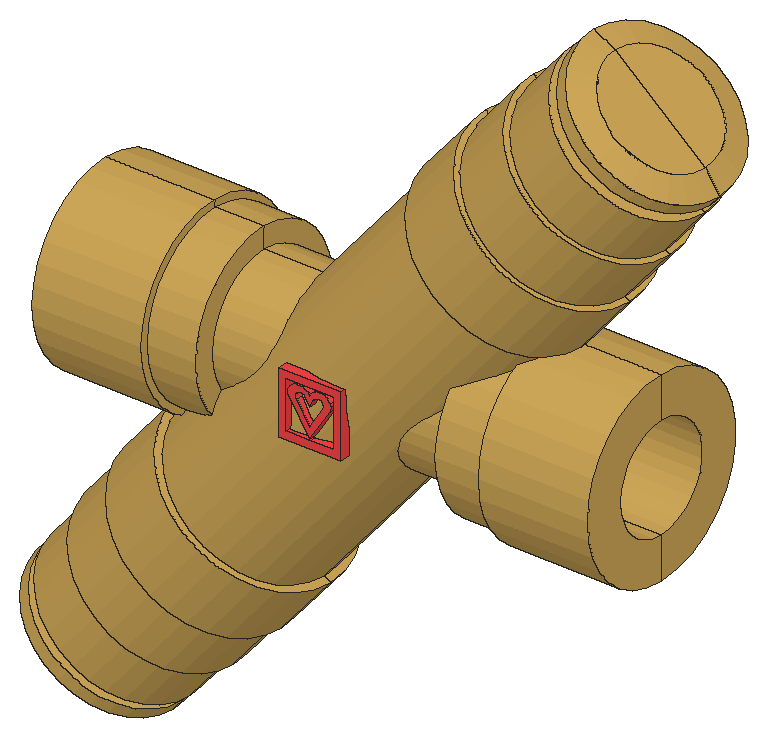
Revit family "Ограничитель температуры воды 4011", category Rohrzubehör, Revit 2018
Family settings
  Bemaßung runder Anschluss = Durchmesser verwenden
  Teiletyp = Unterbricht
  OmniClass-Nummer = 23.65.55.14
  OmniClass-Titel = Valves for Liquid Services
  Arbeitsebenenbasiert = Nein
  Immer vertikal = Ja
  Beim Laden mit Abzugskörper schneiden = Nein
  Gemeinsam genutzt = Nein
Parameters (values of type "Заводская настройка 52 и 70 °C")
  Уплотнение = "EPDM"  # constant formula
  Среда = "Питьевая вода"  # constant formula
  Примечание = "В соответствии со статьей 33 Регламента REACH (Registration; Evaluation; Authorisation; Restriction of Chemicals) (EC № 1907/2006) мы обязаны указать, что свинец внесен в список SVHC (Substances of Very High Concern - вещества очень высокой важности) и весовой процент свинца во всех латунных компонентах заводского изготовления в наших изделиях, превышает 0,1 % (w/w) (CAS: 7439-92-1 / EINECS: 231-100-4).\r\nПоскольку свинец является легирующим компонентом сплава, прямое негативное влияние исключается, и поэтому дополнительной информации о безопасном использовании не требуется."
  Номер заказа [instance] = if(and([52_70], Nennweite = 15.000 mm), 2401101, if(and([52_70], Nennweite = 20.000 mm), 2401102, if(and([55_70], Nennweite = 15.000 mm), 2401111, if(and([55_70], Nennweite = 20.000 mm), 2401112, if(and([58_70], Nennweite = 15.000 mm), 2401117, if(and([58_70], Nennweite = 20.000 mm), 2401118, 0))))))  # 2401101
  Макс. рабочее давление = 1000000.0 Pa  # constant formula
  Макс. рабочая температура = 80 °C  # constant formula
  Корпус = "CC770S"  # constant formula
  Исполнение = "HERZ-ограничитель температуры циркуляционного контура, наклонного исполнения, без покрытия, корпус изготовлен из латуни, устойчивой к селективной цинковой коррозии, седло, конус пружины, пружина изготовлены из нержавеющей хромоникелевой стали.\r\nУплотнительные кольца O-Ring изготовлены из EPDM, гигиенически безопасных материалов.\r\nВнутренняя резьба в соответствии с ISO 7/1 (Rp).\r\nИсполнение с двумя термоэлементами."
  Заводская настройка температуры [instance] = if([52_70], "52 - 70°C", if([55_70], "55 - 70°C", if([58_70], "58 - 70°C", "0")))  # "52 - 70°C"
  W03 = 25.00°  # constant formula
  W02 = 15.00°  # constant formula
  W01 = 50.00°  # constant formula
  URL = "www.herz-armaturen.ru"
  Седло, конус пружины, пружина = "нержавеющая сталь"  # constant formula
  SC_NennweiteBerechnet = 0
  SC_Dimension = ""
  SCTWSEQ = "AW;SBT_TYP_AW=\"104\";2"
  SCTWCODE = "04;26;02"  # constant formula
  S06 = 40.000 mm  # constant formula
  S05 = 15.000 mm  # constant formula
  S04 = 20.000 mm  # constant formula
  S03 = 60.000 mm  # constant formula
  S02 [instance] = S01 + 5.000 mm  # 11.750 mm
  S01 [instance] = D01 / 2  # 6.750 mm
  R01 = 5.000 mm  # constant formula
  Nennweite [instance] = 15.000 mm
  L09 = 4.500 mm  # constant formula
  L08 = 1.500 mm  # constant formula
  L07 [instance] = L03 + L05 + L06  # 58.400 mm
  L06 [instance] = size_lookup("4011_0X_", "L6", 1.000 mm, Nennweite)  # 8.900 mm
  L05 [instance] = size_lookup("4011_0X_", "L5", 1.000 mm, Nennweite)  # 10.000 mm
  L04 [instance] = size_lookup("4011_0X_", "L4", 1.000 mm, Nennweite)  # 11.000 mm
  L03 [instance] = size_lookup("4011_0X_", "L3", 1.000 mm, Nennweite)  # 39.500 mm
  L02 [instance] = size_lookup("4011_0X_", "L2", 1.000 mm, Nennweite)  # 23.000 mm
  L01 [instance] = size_lookup("4011_0X_", "L1", 1.000 mm, Nennweite)  # 15.900 mm
  L00 [instance] = size_lookup("4011_0X_", "L", 1.000 mm, Nennweite)  # 81.000 mm
  IG [instance] = Nennweite / 2  # 7.500 mm
  Hersteller = "HERZ Armaturen Ges.m.b.H."  # constant formula
  GT [instance] = size_lookup("4011_0X_", "GT", 1.000 mm, Nennweite)  # 12.000 mm
  Принцип действия = "HERZ-ограничитель температуры воды циркуляционного контура представляет собой термостатический дроссельный клапан для ограничения температуры горячей воды в контуре с циркуляционным насосом, в виде пропорционального энергонезависимого регулятора прямого действия.\r\nТемпература теплоносителя циркуляционного контура подлежит регулированию и обеспечивает распределение горячей воды на несколько стояков (если таковые имеются).\r\nС целью поддержания постоянной температуры расход циркуляционной воды ограничивается до необходимого количества и, таким образом, потери в циркуляционном контуре сводятся к минимуму.\r\nДанная арматура предназначена также для кратковременного промывания для предотвращения появления легионелл.\r\nКоличество циркуляционной воды после промывания системы опять пополняется необходимым объемом.\r\nКонус буксы может открывать или закрывать седло клапана в корпусе ограничителя.\r\nПри повышении температуры конус буксы перемещается термоэлементом медленно и плавно, без толчков, в направлении «закрыто», а при понижении температуры открывается с помощью пружины навстречу термостатическому элементу.\r\nРасширяющаяся среда в середине термостатического элемента превращает изменение температуры в изменение направления.\r\nПри термической дезинфекции второй термоэлемент расширяется и посредством штифта воздействует на прикрытый клапан – горячая вода поступает в трубопровод для дезинфекции.\r\nИсходя из модели данного ограничителя, величину утечки следует учитывать из расчёта приблизительно 0,65 л/мин при перепаде давления приблизительно 10 кПа."
  Конус буксы, букса, заглушка = "CW725N"  # constant formula
  D10 = 12.000 mm  # constant formula
  D09 = 9.200 mm  # constant formula
  D08 = 8.500 mm  # constant formula
  D07 [instance] = size_lookup("4011_0X_", "D7", 1.000 mm, Nennweite)  # 13.000 mm
  D06 [instance] = size_lookup("4011_0X_", "D6", 1.000 mm, Nennweite)  # 12.200 mm
  D05 [instance] = size_lookup("4011_0X_", "D5", 1.000 mm, Nennweite)  # 12.750 mm
  D04 [instance] = size_lookup("4011_0X_", "D4", 1.000 mm, Nennweite)  # 13.750 mm
  D03 [instance] = size_lookup("4011_0X_", "D3", 1.000 mm, Nennweite)  # 9.500 mm
  D02 [instance] = size_lookup("4011_0X_", "D2", 1.000 mm, Nennweite)  # 12.500 mm
  D01 [instance] = size_lookup("4011_0X_", "D1", 1.000 mm, Nennweite)  # 13.500 mm
  58_70 = no
  55_70 = no
  52_70 = yes
Types (4, lengths in mm): name | Номер заказа | Заводская настройка температуры | S02 | S01 | Nennweite | L07 | L06 | L05 | L04 | L03 | L02 | L01 | L00 | IG | GT | D07 | D06 | D05 | D04 | D03 | D02 | D01 | 58_70 | 55_70 | 52_70
  (no name) | 2401101 | "52 - 70°C" | 11.750 | 6.750 | 15.000 | 58.400 | 8.900 | 10.000 | 11.000 | 39.500 | 23.000 | 15.900 | 81.000 | 7.500 | 12.000 | 13.000 | 12.200 | 12.750 | 13.750 | 9.500 | 12.500 | 13.500 | no | no | yes
  Заводская настройка 52 и 70 °C | 2401101 | "52 - 70°C" | 11.750 | 6.750 | 15.000 | 58.400 | 8.900 | 10.000 | 11.000 | 39.500 | 23.000 | 15.900 | 81.000 | 7.500 | 12.000 | 13.000 | 12.200 | 12.750 | 13.750 | 9.500 | 12.500 | 13.500 | no | no | yes
  Заводская настройка 55 и 70 °C | 2401112 | "55 - 70°C" | 13.000 | 8.000 | 20.000 | 60.700 | 4.500 | 6.200 | 10.000 | 50.000 | 20.500 | 17.000 | 102.000 | 10.000 | 16.300 | 15.000 | 13.500 | 15.500 | 16.500 | 13.000 | 15.000 | 16.000 | no | yes | no
  Заводская настройка 58 и 70 °C | 2401118 | "58 - 70°C" | 13.000 | 8.000 | 20.000 | 60.700 | 4.500 | 6.200 | 10.000 | 50.000 | 20.500 | 17.000 | 102.000 | 10.000 | 16.300 | 15.000 | 13.500 | 15.500 | 16.500 | 13.000 | 15.000 | 16.000 | yes | no | no
Reference planes
  plane 1 "Mitte (Vorne/hinten)": y = 0
  plane 2: z = 0
  plane 3 "Mitte (Links/rechts)": x = 0
Forms (mm)
  Revolve 1, solid, material "Messing, weicher Gelbton, geschweißt", detail levels fine
    sketch origin (0, 0, 0) x (1, 0, 0) y (0, 0, 1)
      loop
        line (-28.5, 0) -> (28.5, 0) -> (28.5, 7.5) -> (40.5, 7.5) -> (40.5, 13.5) -> (24.6, 13.5) -> (24.6, 12.5) -> (17.5, 12.5) -> (17.5, 9.5) -> (-17.5, 9.5) -> (-17.5, 12.5) -> (-24.6, 12.5) -> (-24.6, 13.5) -> (-40.5, 13.5) -> (-40.5, 7.5) -> (-28.5, 7.5) -> (-28.5, 0)
      axis (-40.5, 0) -> (40.5, 0)
    angle from 0 to 360
  Revolve 2, solid, material "Messing, weicher Gelbton, geschweißt", detail levels fine
    sketch origin (0, 0, 0) x (1, 0, 0) y (0, 0, 1)
      loop
        line (0, 0) -> (25.39, 30.259) -> (14.857, 39.097) -> (7.786, 30.671) -> (8.552, 30.028) -> (-28.087, -13.637) -> (-28.853, -12.994) -> (-35.923, -21.42) -> (-25.39, -30.259) -> (0, 0)
      axis (25.39, 30.259) -> (-25.39, -30.259)
    angle from 0 to 360
  Revolve 3, solid, material "Messing, weicher Gelbton, geschweißt", detail levels fine
    sketch origin (0, 0, 0) x (1, 0, 0) y (0, 0, 1)
      loop
        line (0, 0) -> (37.539, 44.737) -> (28.193, 52.579) -> (22.472, 45.761) -> (21.859, 46.275) -> (15.432, 38.615) -> (21.56, 33.473) -> (-29.22, -27.045) -> (-35.349, -21.903) -> (-41.777, -29.563) -> (-41.164, -30.077) -> (-46.885, -36.895) -> (-37.539, -44.737) -> (0, 0)
      axis (-37.539, -44.737) -> (37.539, 44.737)
    angle from 0 to 360
  Revolve 4, solid, material "Messing, weicher Gelbton, geschweißt", detail levels fine
    sketch origin (0, 0, 0) x (1, 0, 0) y (0, 0, 1)
      loop
        line (0, 0) -> (40.431, 48.184) -> (33.92, 53.648) -> (30.636, 55.179) -> (29.31, 53.6) -> (31.455, 51.8) -> (30.491, 50.651) -> (33.709, 47.951) -> (-41.369, -41.523) -> (-44.586, -38.823) -> (-45.551, -39.972) -> (-47.696, -38.173) -> (-49.021, -39.752) -> (-46.943, -42.721) -> (-40.431, -48.184) -> (0, 0)
      axis (-40.431, -48.184) -> (40.431, 48.184)
    angle from 0 to 360
Lines and regions (mm)
  model lines, detail levels coarse+medium
    curve 1: line (-40.5, 0, 13.5) -> (-40.5, 0, -13.5)
    curve 2: line (-40.5, 0, -13.5) -> (40.5, 0, 13.5)
    curve 3: line (40.5, 0, 13.5) -> (40.5, 0, -13.5)
    curve 4: line (40.5, 0, -13.5) -> (-40.5, 0, 13.5)
    curve 5: circle (0, 0, 0) r 6.75 normal (0, -1, 0)
    curve 6: line (0, 0, 40) -> (0, 0, 60)
    curve 7: line (-15, 0, 60) -> (15, 0, 60)
    curve 8: line (15, 0, 60) -> (15, 0, 80)
    curve 9: line (15, 0, 80) -> (-15, 0, 80)
    curve 10: line (-15, 0, 80) -> (-15, 0, 60)
    curve 11: line (0, 0, 11.75) -> (13.173, 0, 40)
    curve 12: line (0, 0, 11.75) -> (-13.173, 0, 40)
    curve 13: line (-13.173, 0, 40) -> (13.173, 0, 40)
    curve 14: line (-40.5, 13.5, 0) -> (-40.5, -13.5, 0)
    curve 15: line (-40.5, -13.5, 0) -> (40.5, 13.5, 0)
    curve 16: line (40.5, 13.5, 0) -> (40.5, -13.5, 0)
    curve 17: line (40.5, -13.5, 0) -> (-40.5, 13.5, 0)
    curve 18: circle (0, 0, 0) r 6.75 normal (0, 0, 1)
    curve 19: line (0, 40, 0) -> (0, 60, 0)
    curve 20: line (-15, 60, 0) -> (15, 60, 0)
    curve 21: line (15, 60, 0) -> (15, 80, 0)
    curve 22: line (15, 80, 0) -> (-15, 80, 0)
    curve 23: line (-15, 80, 0) -> (-15, 60, 0)
    curve 24: line (0, 11.75, 0) -> (13.173, 40, 0)
    curve 25: line (0, 11.75, 0) -> (-13.173, 40, 0)
    curve 26: line (-13.173, 40, 0) -> (13.173, 40, 0)
Dimensions and locks
  "L00": Revolve 1 sketch curve to Revolve 1 sketch curve
  equal spacing: Revolve 1 sketch curve, plane 3 "Mitte (Links/rechts)", Revolve 1 sketch curve
  "L01": Revolve 1 sketch curve to Revolve 1 sketch curve  (x2)
  "L02": Revolve 1 sketch curve to Revolve 1 sketch curve  (x2)
  "GT": Revolve 1 sketch curve to Revolve 1 sketch curve  (x2)
  "IG": Revolve 1 sketch curve to plane 2  (x2)
  "D01": Revolve 1 sketch curve to plane 2  (x2)
  "D02": Revolve 1 sketch curve to plane 2  (x2)
  "D03": Revolve 1 sketch curve to Revolve 1 sketch curve
  equal spacing: Revolve 1, Revolve 2 sketch curve, Revolve 1  (x2)
  "L03": Revolve 2 sketch curve to Revolve 2 sketch curve  (x2)
  "L04": Revolve 2 sketch curve to Revolve 2 sketch curve  (x2)
  "D05": nested 1 to plane 1 "Mitte (Vorne/hinten)"
  "D04": Revolve 2 sketch curve to Revolve 2 sketch curve  (x2)
  "D05": Revolve 2 sketch curve to Revolve 2 sketch curve
  "L03": Revolve 3 sketch curve to Revolve 3 sketch curve  (x2)
  "L05": Revolve 3 sketch curve to Revolve 3 sketch curve  (x2)
  "L06": Revolve 3 sketch curve to Revolve 3 sketch curve  (x2)
  "D06": Revolve 3 sketch curve to Revolve 3 sketch curve  (x2)
  "D07": Revolve 3 sketch curve to Revolve 3 sketch curve  (x2)
  "R01": Revolve 3 sketch curve to Revolve 3 sketch curve
  equal spacing: Revolve 1, Revolve 3 sketch curve, Revolve 1
  equal spacing: Revolve 1, Revolve 4 sketch curve, Revolve 1
  "L07": Revolve 4 sketch curve to Revolve 4 sketch curve to Revolve 4 sketch curve
  "L08": Revolve 4 sketch curve to Revolve 4 sketch curve  (x2)
  "L09": Revolve 4 sketch curve to Revolve 4 sketch curve  (x2)
  "D08": Revolve 4 sketch curve to Revolve 4 sketch curve  (x2)
  "D09": Revolve 4 sketch curve to Revolve 4 sketch curve  (x2)
  "D10": Revolve 4 sketch curve to Revolve 4 sketch curve  (x2)
  "R01": Revolve 4 sketch curve to Revolve 4 sketch curve
  equal spacing: curve 1, plane 3 "Mitte (Links/rechts)", curve 3
  "L00": curve 1 to curve 3
  "D01": curve 4 to plane 2 to curve 2
  "D01": curve 3 to plane 2 to curve 4
  equal spacing: Revolve 1, curve 5, Revolve 1
  "S03": curve 6 to plane 2
  "S05": curve 10 to plane 3 "Mitte (Links/rechts)" to curve 8
  "S04": curve 9 to curve 7
  "S06": curve 13 to plane 2
  "S02": curve 12 to plane 2
  equal spacing: curve 14, plane 3 "Mitte (Links/rechts)", curve 16
  "L00": curve 14 to curve 16
  "D01": curve 15 to plane 1 "Mitte (Vorne/hinten)" to curve 17
  "D01": curve 17 to plane 1 "Mitte (Vorne/hinten)" to curve 16
  equal spacing: curve 14, curve 18, curve 16
  "S06": plane 1 "Mitte (Vorne/hinten)" to curve 19
  "S03": plane 1 "Mitte (Vorne/hinten)" to curve 19
  "S05": curve 23 to plane 3 "Mitte (Links/rechts)" to curve 21
  "S04": curve 22 to curve 20
  "S02": plane 1 "Mitte (Vorne/hinten)" to curve 25
  "S01": radius of curve 5
  "S01": radius of curve 18
  "W01": angle plane 2 to Revolve 3 sketch curve
  "W01": angle plane 2 to Revolve 4 sketch curve
  "W02": angle Revolve 4 sketch curve to Revolve 4 sketch curve  (x2)
  "W01": angle plane 2 to Revolve 2 sketch curve
  "W03": angle curve 11 to curve 6 to curve 12
  "W03": angle curve 24 to plane 3 "Mitte (Links/rechts)" to curve 25
  aligned and locked: level to plane 2
Automatic sketch dimensions
  curve 12 to plane 3 "Mitte (Links/rechts)" = 0.000 mm
  curve 6 to plane 3 "Mitte (Links/rechts)" = 0.000 mm
  curve 5 to level = 0.000 mm
  curve 25 to plane 3 "Mitte (Links/rechts)" = 0.000 mm
  curve 19 to plane 3 "Mitte (Links/rechts)" = 0.000 mm
  plane 1 "Mitte (Vorne/hinten)" to curve 18 = 0.000 mm
  Revolve 1 sketch curve to level = 0.000 mm  (x2)
  Revolve 1 sketch curve to Revolve 1 sketch curve = 1466.030 mm
  Revolve 1 sketch curve to Revolve 1 sketch curve = 1798.648 mm
  Revolve 2 sketch curve to level = 0.000 mm  (x2)
  Revolve 3 sketch curve to level = 0.000 mm
  Revolve 3 sketch curve to Revolve 3 sketch curve = 0.000 mm  (x4)
  Revolve 4 sketch curve to level = 0.000 mm
  Revolve 4 sketch curve to Revolve 4 sketch curve = 0.000 mm  (x4)
Nested families
  nested 1: "Herz-Logo-vorne" at (0, -12.75, 0) x (0, 1, 0) z (0, 0, 1), type "Herz-Logo-vorne", detail levels fine
Connectors
  piping at (-28.5, 0, 0), diameter 15, driven by "Nennweite"
    settings: on Revolve 1, index 1, connector inside diameter 609.6 mm, connector length 0.000 mm, flow factor 0, pipe flow 0.0 L/s, pressure drop 0.0 Pa, fitting loss kfactor 0, connector angle 0.00°, fixture units 0, engagement length 0.000 mm, angle of deflection 0.00°, flow configuration 0, flow direction 1, fitting loss method 0, system type 29, joint type 0, gender type 0, connector reference index -1, connector utility 0, adjustable connector no, is connector primary yes, connector description ""
  piping at (28.5, 0, 0), diameter 15, driven by "Nennweite"
    settings: on Revolve 1, index 2, connector inside diameter 609.6 mm, connector length 0.000 mm, flow factor 0, pipe flow 0.0 L/s, pressure drop 0.0 Pa, fitting loss kfactor 0, connector angle 0.00°, fixture units 0, engagement length 0.000 mm, angle of deflection 0.00°, flow configuration 0, flow direction 2, fitting loss method 0, system type 29, joint type 0, gender type 0, connector reference index -1, connector utility 0, adjustable connector no, is connector primary no, connector description ""
Definition of nested family "Herz-Logo-vorne"
  Reference planes
    plane 1 "Mitte (Vorne/hinten)": y = 0
    plane 2: z = 0
    plane 3 "Mitte (Links/rechts)": x = 0
  Forms (mm)
    Extrusion 1, solid
      sketch origin (0.732, -0.018, 0.017) x (0, -1, 0) y (0, 0, 1)
        loop
          line (-0.018, -4.517) -> (4.482, -4.517) -> (4.482, 4.483) -> (-4.518, 4.483) -> (-4.518, -4.517) -> (-0.018, -4.517)
        loop
          line (-0.05, -3.48) -> (3.482, -3.48) -> (3.482, 3.483) -> (-3.518, 3.483) -> (-3.518, -3.48) -> (-0.05, -3.48)
        loop
          arc (-0.018, 2.383) -> (-1.543, 3.287) -> (-3.067, 2.383) r 1.738
          arc (-3.067, 2.383) -> (-3.191, 1.899) -> (-3.067, 1.415) r 1.009
          line (-3.067, 1.415) -> (-0.018, -3.281) -> (3.032, 1.415)
          arc (3.032, 1.415) -> (3.156, 1.899) -> (3.032, 2.383) r 1.009
          arc (3.032, 2.383) -> (1.507, 3.287) -> (-0.018, 2.383) r 1.738
        loop
          arc (1.885, 1.272) -> (2.005, 1.675) -> (1.885, 2.079) r 0.74
          arc (1.885, 2.079) -> (1.265, 2.416) -> (0.644, 2.079) r 0.74
          line (0.644, 2.079) -> (-0.018, 0.97) -> (-0.679, 2.079)
          arc (-0.679, 2.079) -> (-1.3, 2.416) -> (-1.921, 2.079) r 0.74
          arc (-1.921, 2.079) -> (-2.04, 1.675) -> (-1.921, 1.272) r 0.74
          line (-1.921, 1.272) -> (-0.018, -1.658) -> (1.885, 1.272)
      from 0 to 1.5
  Dimensions and locks
    aligned and locked: level to plane 2
